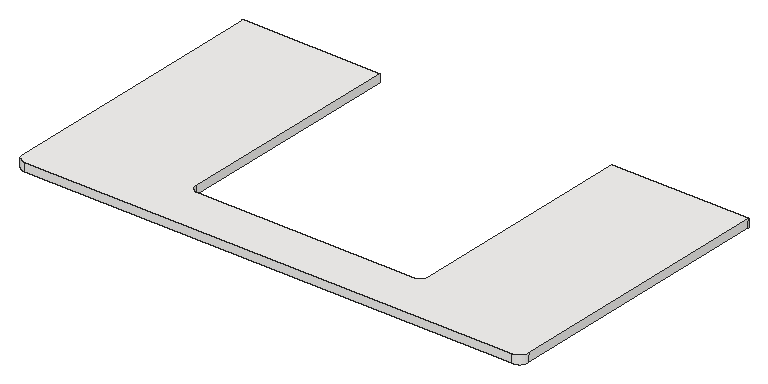
Revit family "console with cutout for countertop basin ground", category Furniture, Revit 2019 (continued)
  Console 780_550 with cutout in the middle for countertop basin ground 500_480-54094230-NATURAL_OAK-400 | "6.2" | "NATURAL_OAK" | "Surfaces:    - 54094050 High Gloss White  - 54094910 Diamond Matt Grey  - 54094230 Natural Oak  - 54094630 Dark Walnut      Specification:    • consists of: console, space saving siphon   • material: high-density 3-ply chipboard   • surface material: laminate (HPL)   • with cutout for countertop basin ground  • number of basin cutouts: 1   • basin cutout: centered   • strength: 16 mm" | "https://pro.hansgrohe.com/articledetail--54094050" | "54094XXX" | "Console 780/550 with cutout in the middle for countertop basin ground 500/480-54094230-NATURAL_OAK-400" | "Xelu Q Console 780/550 with cutout in the middle for countertop basin ground 500/480" | "Console 780/550 with cutout in the middle for countertop basin ground 500/480-54094230-NATURAL_OAK-400" | "{$CADENAS_DATA/23d-libs/hansgrohe/xelu_furniture/console_with_cutout_for_countertop_basin_ground/console_with_cutout_for_countertop_basinground.prj},393 {VTYP=3D},{NB=Console 780/550 with cutout in the middle for countertop basin ground 500/480-54094230-NATURAL_OAK-400},{LINA=Console 780/550 with cutout in the middle for countertop basin ground 500/480-54094230-NATURAL_OAK-400},{NN=Console with cutout for countertop basin ground},{DATE=10.03.2023 08:11:51},{GEOMDATE=08.03.2023 13:28:53},{VERSION=},{LINEID=30},{WBVAR=LODLEVEL},{WBNUMERIC=}  {NB=Console 780/550 with cutout in the middle for countertop basin ground 500/480-54094230-NATURAL_OAK-400},{LINA=Console 780/550 with cutout in the middle for countertop basin ground 500/480-54094230-NATURAL_OAK-400},{KT=DUMMY},{IDNR=3},{ARTNR=54094230},{BASENUMBER=Console 780/550 with cutout in the middle for countertop basin ground 500/480},{MODEL=54094XXX},{SURFACE=NATURAL_OAK},{L=780},{LODLEVEL=400},{LODLEVELX='400','400','200','200'},{L1=450},{LL=390},{NAME=Xelu Q Console 780/550 with cutout in the middle for countertop basin ground 500/480},{PERMALINK=54094XXX},{OBJECTTYPE=Object (single object)},{BIMOBJECT=Sanitary: Compound units },{PRODUCTFAMILY=Xelu Q},{PRODUCTGROUP=console},{WEIGHT=6.2},{DESCRIPTION=Xelu Q Console 780/550 with cutout in the middle for countertop basin ground 500/480},{SPECIFICATION=Surfaces:    - 54094050 High Gloss White  - 54094910 Diamond Matt Grey  - 54094230 Natural Oak  - 54094630 Dark Walnut      Specification:    • consists of: console, space saving siphon   • material: high-density 3-ply chipboard   • surface material: laminate (HPL)   • with cutout for countertop basin ground  • number of basin cutouts: 1   • basin cutout: centered   • strength: 16 mm},{PRODUCTURL=https://pro.hansgrohe.com/articledetail--54094050},{GTINCODE=4059625457139},{TENDERURL=},{IFC=Furnishing element},{ETIM=EC011381 | Bathroom furniture set},{UNICLASS2015=Pr_40_20_76_94 | Vanity units},{OMNICLASS=23-19 31 17 11 | Bathroom Units},{MASTERFORMAT=12 35 30.23 | Bathroom Casework},{UNSPSC=56 | Furniture and Furnishings},{UNIFORMATII=E2010 | Fixed Furnishings},{REGIONSET=Worldwide},{DESIGN=Germany},{MANUFACTURER=Germany}" | "400" | 390 | "Console 780/550 with cutout in the middle for countertop basin ground 500/480-54094230-NATURAL_OAK-400" | 450 | 780 | 3 | "4059625457139" | no | no | no | no | no | no | no | no | no | no | no | no | no | no | no | no | no | no | no | no | no | no | no | no | no | no | no | no | yes | no | no | no | no | no | no | no | no | no | no | no | no | no | no | no | no | no | no | no | no | no | no | no | no | no | no | no | no | no | no | no | no | no | no | no | "Console 780/550 with cutout in the middle for countertop basin ground 500/480" | "54094230"
  Console 780_550 with cutout in the middle for countertop basin ground 500_480-54094630-DARK_WALNUT-200 | "6.2" | "DARK_WALNUT" | "Surfaces:    - 54094050 High Gloss White  - 54094910 Diamond Matt Grey  - 54094230 Natural Oak  - 54094630 Dark Walnut      Specification:    • consists of: console, space saving siphon   • material: high-density 3-ply chipboard   • surface material: laminate (HPL)   • with cutout for countertop basin ground  • number of basin cutouts: 1   • basin cutout: centered   • strength: 16 mm" | "https://pro.hansgrohe.com/articledetail--54094050" | "54094XXX" | "Console 780/550 with cutout in the middle for countertop basin ground 500/480-54094630-DARK_WALNUT-200" | "Xelu Q Console 780/550 with cutout in the middle for countertop basin ground 500/480" | "Console 780/550 with cutout in the middle for countertop basin ground 500/480-54094630-DARK_WALNUT-200" | "{$CADENAS_DATA/23d-libs/hansgrohe/xelu_furniture/console_with_cutout_for_countertop_basin_ground/console_with_cutout_for_countertop_basinground.prj},393 {VTYP=3D},{NB=Console 780/550 with cutout in the middle for countertop basin ground 500/480-54094630-DARK_WALNUT-200},{LINA=Console 780/550 with cutout in the middle for countertop basin ground 500/480-54094630-DARK_WALNUT-200},{NN=Console with cutout for countertop basin ground},{DATE=10.03.2023 08:11:51},{GEOMDATE=08.03.2023 13:28:53},{VERSION=},{LINEID=10},{WBVAR=LODLEVEL},{WBNUMERIC=}  {NB=Console 780/550 with cutout in the middle for countertop basin ground 500/480-54094630-DARK_WALNUT-200},{LINA=Console 780/550 with cutout in the middle for countertop basin ground 500/480-54094630-DARK_WALNUT-200},{KT=DUMMY},{IDNR=1},{ARTNR=54094630},{BASENUMBER=Console 780/550 with cutout in the middle for countertop basin ground 500/480},{MODEL=54094XXX},{SURFACE=DARK_WALNUT},{L=780},{LODLEVEL=200},{LODLEVELX='400','400','200','200'},{L1=450},{LL=390},{NAME=Xelu Q Console 780/550 with cutout in the middle for countertop basin ground 500/480},{PERMALINK=54094XXX},{OBJECTTYPE=Object (single object)},{BIMOBJECT=Sanitary: Compound units },{PRODUCTFAMILY=Xelu Q},{PRODUCTGROUP=console},{WEIGHT=6.2},{DESCRIPTION=Xelu Q Console 780/550 with cutout in the middle for countertop basin ground 500/480},{SPECIFICATION=Surfaces:    - 54094050 High Gloss White  - 54094910 Diamond Matt Grey  - 54094230 Natural Oak  - 54094630 Dark Walnut      Specification:    • consists of: console, space saving siphon   • material: high-density 3-ply chipboard   • surface material: laminate (HPL)   • with cutout for countertop basin ground  • number of basin cutouts: 1   • basin cutout: centered   • strength: 16 mm},{PRODUCTURL=https://pro.hansgrohe.com/articledetail--54094050},{GTINCODE=4059625457139},{TENDERURL=},{IFC=Furnishing element},{ETIM=EC011381 | Bathroom furniture set},{UNICLASS2015=Pr_40_20_76_94 | Vanity units},{OMNICLASS=23-19 31 17 11 | Bathroom Units},{MASTERFORMAT=12 35 30.23 | Bathroom Casework},{UNSPSC=56 | Furniture and Furnishings},{UNIFORMATII=E2010 | Fixed Furnishings},{REGIONSET=Worldwide},{DESIGN=Germany},{MANUFACTURER=Germany}" | "200" | 390 | "Console 780/550 with cutout in the middle for countertop basin ground 500/480-54094630-DARK_WALNUT-200" | 450 | 780 | 1 | "4059625457139" | no | no | no | no | no | no | no | no | no | no | no | no | no | no | no | no | no | no | no | no | no | no | no | no | no | no | no | yes | no | no | no | no | no | no | no | no | no | no | no | no | no | no | no | no | no | no | no | no | no | no | no | no | no | no | no | no | no | no | no | no | no | no | no | no | "Console 780/550 with cutout in the middle for countertop basin ground 500/480" | "54094630"
  Console 780_550 with cutout in the middle for countertop basin ground 500_480-54094630-DARK_WALNUT-400 | "6.2" | "DARK_WALNUT" | "Surfaces:    - 54094050 High Gloss White  - 54094910 Diamond Matt Grey  - 54094230 Natural Oak  - 54094630 Dark Walnut      Specification:    • consists of: console, space saving siphon   • material: high-density 3-ply chipboard   • surface material: laminate (HPL)   • with cutout for countertop basin ground  • number of basin cutouts: 1   • basin cutout: centered   • strength: 16 mm" | "https://pro.hansgrohe.com/articledetail--54094050" | "54094XXX" | "Console 780/550 with cutout in the middle for countertop basin ground 500/480-54094630-DARK_WALNUT-400" | "Xelu Q Console 780/550 with cutout in the middle for countertop basin ground 500/480" | "Console 780/550 with cutout in the middle for countertop basin ground 500/480-54094630-DARK_WALNUT-400" | "{$CADENAS_DATA/23d-libs/hansgrohe/xelu_furniture/console_with_cutout_for_countertop_basin_ground/console_with_cutout_for_countertop_basinground.prj},393 {VTYP=3D},{NB=Console 780/550 with cutout in the middle for countertop basin ground 500/480-54094630-DARK_WALNUT-400},{LINA=Console 780/550 with cutout in the middle for countertop basin ground 500/480-54094630-DARK_WALNUT-400},{NN=Console with cutout for countertop basin ground},{DATE=10.03.2023 08:11:51},{GEOMDATE=08.03.2023 13:28:53},{VERSION=},{LINEID=10},{WBVAR=LODLEVEL},{WBNUMERIC=}  {NB=Console 780/550 with cutout in the middle for countertop basin ground 500/480-54094630-DARK_WALNUT-400},{LINA=Console 780/550 with cutout in the middle for countertop basin ground 500/480-54094630-DARK_WALNUT-400},{KT=DUMMY},{IDNR=1},{ARTNR=54094630},{BASENUMBER=Console 780/550 with cutout in the middle for countertop basin ground 500/480},{MODEL=54094XXX},{SURFACE=DARK_WALNUT},{L=780},{LODLEVEL=400},{LODLEVELX='400','400','200','200'},{L1=450},{LL=390},{NAME=Xelu Q Console 780/550 with cutout in the middle for countertop basin ground 500/480},{PERMALINK=54094XXX},{OBJECTTYPE=Object (single object)},{BIMOBJECT=Sanitary: Compound units },{PRODUCTFAMILY=Xelu Q},{PRODUCTGROUP=console},{WEIGHT=6.2},{DESCRIPTION=Xelu Q Console 780/550 with cutout in the middle for countertop basin ground 500/480},{SPECIFICATION=Surfaces:    - 54094050 High Gloss White  - 54094910 Diamond Matt Grey  - 54094230 Natural Oak  - 54094630 Dark Walnut      Specification:    • consists of: console, space saving siphon   • material: high-density 3-ply chipboard   • surface material: laminate (HPL)   • with cutout for countertop basin ground  • number of basin cutouts: 1   • basin cutout: centered   • strength: 16 mm},{PRODUCTURL=https://pro.hansgrohe.com/articledetail--54094050},{GTINCODE=4059625457139},{TENDERURL=},{IFC=Furnishing element},{ETIM=EC011381 | Bathroom furniture set},{UNICLASS2015=Pr_40_20_76_94 | Vanity units},{OMNICLASS=23-19 31 17 11 | Bathroom Units},{MASTERFORMAT=12 35 30.23 | Bathroom Casework},{UNSPSC=56 | Furniture and Furnishings},{UNIFORMATII=E2010 | Fixed Furnishings},{REGIONSET=Worldwide},{DESIGN=Germany},{MANUFACTURER=Germany}" | "400" | 390 | "Console 780/550 with cutout in the middle for countertop basin ground 500/480-54094630-DARK_WALNUT-400" | 450 | 780 | 1 | "4059625457139" | no | no | no | no | no | no | no | no | no | no | no | no | no | no | no | no | no | no | no | no | no | no | no | no | no | no | yes | no | no | no | no | no | no | no | no | no | no | no | no | no | no | no | no | no | no | no | no | no | no | no | no | no | no | no | no | no | no | no | no | no | no | no | no | no | "Console 780/550 with cutout in the middle for countertop basin ground 500/480" | "54094630"
  Console 780_550 with cutout in the middle for countertop basin ground 500_480-54094910-DIAMOND_GREY-200 | "6.2" | "DIAMOND_GREY" | "Surfaces:    - 54094050 High Gloss White  - 54094910 Diamond Matt Grey  - 54094230 Natural Oak  - 54094630 Dark Walnut      Specification:    • consists of: console, space saving siphon   • material: high-density 3-ply chipboard   • surface material: laminate (HPL)   • with cutout for countertop basin ground  • number of basin cutouts: 1   • basin cutout: centered   • strength: 16 mm" | "https://pro.hansgrohe.com/articledetail--54094050" | "54094XXX" | "Console 780/550 with cutout in the middle for countertop basin ground 500/480-54094910-DIAMOND_GREY-200" | "Xelu Q Console 780/550 with cutout in the middle for countertop basin ground 500/480" | "Console 780/550 with cutout in the middle for countertop basin ground 500/480-54094910-DIAMOND_GREY-200" | "{$CADENAS_DATA/23d-libs/hansgrohe/xelu_furniture/console_with_cutout_for_countertop_basin_ground/console_with_cutout_for_countertop_basinground.prj},395 {VTYP=3D},{NB=Console 780/550 with cutout in the middle for countertop basin ground 500/480-54094910-DIAMOND_GREY-200},{LINA=Console 780/550 with cutout in the middle for countertop basin ground 500/480-54094910-DIAMOND_GREY-200},{NN=Console with cutout for countertop basin ground},{DATE=10.03.2023 08:11:51},{GEOMDATE=08.03.2023 13:28:53},{VERSION=},{LINEID=20},{WBVAR=LODLEVEL},{WBNUMERIC=}  {NB=Console 780/550 with cutout in the middle for countertop basin ground 500/480-54094910-DIAMOND_GREY-200},{LINA=Console 780/550 with cutout in the middle for countertop basin ground 500/480-54094910-DIAMOND_GREY-200},{KT=DUMMY},{IDNR=2},{ARTNR=54094910},{BASENUMBER=Console 780/550 with cutout in the middle for countertop basin ground 500/480},{MODEL=54094XXX},{SURFACE=DIAMOND_GREY},{L=780},{LODLEVEL=200},{LODLEVELX='400','400','200','200'},{L1=450},{LL=390},{NAME=Xelu Q Console 780/550 with cutout in the middle for countertop basin ground 500/480},{PERMALINK=54094XXX},{OBJECTTYPE=Object (single object)},{BIMOBJECT=Sanitary: Compound units },{PRODUCTFAMILY=Xelu Q},{PRODUCTGROUP=console},{WEIGHT=6.2},{DESCRIPTION=Xelu Q Console 780/550 with cutout in the middle for countertop basin ground 500/480},{SPECIFICATION=Surfaces:    - 54094050 High Gloss White  - 54094910 Diamond Matt Grey  - 54094230 Natural Oak  - 54094630 Dark Walnut      Specification:    • consists of: console, space saving siphon   • material: high-density 3-ply chipboard   • surface material: laminate (HPL)   • with cutout for countertop basin ground  • number of basin cutouts: 1   • basin cutout: centered   • strength: 16 mm},{PRODUCTURL=https://pro.hansgrohe.com/articledetail--54094050},{GTINCODE=4059625457139},{TENDERURL=},{IFC=Furnishing element},{ETIM=EC011381 | Bathroom furniture set},{UNICLASS2015=Pr_40_20_76_94 | Vanity units},{OMNICLASS=23-19 31 17 11 | Bathroom Units},{MASTERFORMAT=12 35 30.23 | Bathroom Casework},{UNSPSC=56 | Furniture and Furnishings},{UNIFORMATII=E2010 | Fixed Furnishings},{REGIONSET=Worldwide},{DESIGN=Germany},{MANUFACTURER=Germany}" | "200" | 390 | "Console 780/550 with cutout in the middle for countertop basin ground 500/480-54094910-DIAMOND_GREY-200" | 450 | 780 | 2 | "4059625457139" | no | no | no | no | no | no | no | no | no | no | no | no | no | no | no | no | no | no | no | no | no | no | no | no | no | yes | no | no | no | no | no | no | no | no | no | no | no | no | no | no | no | no | no | no | no | no | no | no | no | no | no | no | no | no | no | no | no | no | no | no | no | no | no | no | "Console 780/550 with cutout in the middle for countertop basin ground 500/480" | "54094910"
  Console 780_550 with cutout in the middle for countertop basin ground 500_480-54094910-DIAMOND_GREY-400 | "6.2" | "DIAMOND_GREY" | "Surfaces:    - 54094050 High Gloss White  - 54094910 Diamond Matt Grey  - 54094230 Natural Oak  - 54094630 Dark Walnut      Specification:    • consists of: console, space saving siphon   • material: high-density 3-ply chipboard   • surface material: laminate (HPL)   • with cutout for countertop basin ground  • number of basin cutouts: 1   • basin cutout: centered   • strength: 16 mm" | "https://pro.hansgrohe.com/articledetail--54094050" | "54094XXX" | "Console 780/550 with cutout in the middle for countertop basin ground 500/480-54094910-DIAMOND_GREY-400" | "Xelu Q Console 780/550 with cutout in the middle for countertop basin ground 500/480" | "Console 780/550 with cutout in the middle for countertop basin ground 500/480-54094910-DIAMOND_GREY-400" | "{$CADENAS_DATA/23d-libs/hansgrohe/xelu_furniture/console_with_cutout_for_countertop_basin_ground/console_with_cutout_for_countertop_basinground.prj},395 {VTYP=3D},{NB=Console 780/550 with cutout in the middle for countertop basin ground 500/480-54094910-DIAMOND_GREY-400},{LINA=Console 780/550 with cutout in the middle for countertop basin ground 500/480-54094910-DIAMOND_GREY-400},{NN=Console with cutout for countertop basin ground},{DATE=10.03.2023 08:11:51},{GEOMDATE=08.03.2023 13:28:53},{VERSION=},{LINEID=20},{WBVAR=LODLEVEL},{WBNUMERIC=}  {NB=Console 780/550 with cutout in the middle for countertop basin ground 500/480-54094910-DIAMOND_GREY-400},{LINA=Console 780/550 with cutout in the middle for countertop basin ground 500/480-54094910-DIAMOND_GREY-400},{KT=DUMMY},{IDNR=2},{ARTNR=54094910},{BASENUMBER=Console 780/550 with cutout in the middle for countertop basin ground 500/480},{MODEL=54094XXX},{SURFACE=DIAMOND_GREY},{L=780},{LODLEVEL=400},{LODLEVELX='400','400','200','200'},{L1=450},{LL=390},{NAME=Xelu Q Console 780/550 with cutout in the middle for countertop basin ground 500/480},{PERMALINK=54094XXX},{OBJECTTYPE=Object (single object)},{BIMOBJECT=Sanitary: Compound units },{PRODUCTFAMILY=Xelu Q},{PRODUCTGROUP=console},{WEIGHT=6.2},{DESCRIPTION=Xelu Q Console 780/550 with cutout in the middle for countertop basin ground 500/480},{SPECIFICATION=Surfaces:    - 54094050 High Gloss White  - 54094910 Diamond Matt Grey  - 54094230 Natural Oak  - 54094630 Dark Walnut      Specification:    • consists of: console, space saving siphon   • material: high-density 3-ply chipboard   • surface material: laminate (HPL)   • with cutout for countertop basin ground  • number of basin cutouts: 1   • basin cutout: centered   • strength: 16 mm},{PRODUCTURL=https://pro.hansgrohe.com/articledetail--54094050},{GTINCODE=4059625457139},{TENDERURL=},{IFC=Furnishing element},{ETIM=EC011381 | Bathroom furniture set},{UNICLASS2015=Pr_40_20_76_94 | Vanity units},{OMNICLASS=23-19 31 17 11 | Bathroom Units},{MASTERFORMAT=12 35 30.23 | Bathroom Casework},{UNSPSC=56 | Furniture and Furnishings},{UNIFORMATII=E2010 | Fixed Furnishings},{REGIONSET=Worldwide},{DESIGN=Germany},{MANUFACTURER=Germany}" | "400" | 390 | "Console 780/550 with cutout in the middle for countertop basin ground 500/480-54094910-DIAMOND_GREY-400" | 450 | 780 | 2 | "4059625457139" | no | no | no | no | no | no | no | no | no | no | no | no | no | no | no | no | no | no | no | no | no | no | no | no | yes | no | no | no | no | no | no | no | no | no | no | no | no | no | no | no | no | no | no | no | no | no | no | no | no | no | no | no | no | no | no | no | no | no | no | no | no | no | no | no | "Console 780/550 with cutout in the middle for countertop basin ground 500/480" | "54094910"
  Console 780_550 with cutout in the middle for countertop basin ground 600_480-54109050-GLOSSY_WHITE-200 | "6.2" | "GLOSSY_WHITE" | "Surfaces:    - 54109050 High Gloss White  - 54109910 Diamond Matt Grey  - 54109230 Natural Oak  - 54109630 Dark Walnut      Specification:" | "https://pro.hansgrohe.com/articledetail--54109050" | "54109XXX" | "Console 780/550 with cutout in the middle for countertop basin ground 600/480-54109050-GLOSSY_WHITE-200" | "Xelu Q Console 780/550 with cutout in the middle for countertop basin ground 600/480" | "Console 780/550 with cutout in the middle for countertop basin ground 600/480-54109050-GLOSSY_WHITE-200" | "{$CADENAS_DATA/23d-libs/hansgrohe/xelu_furniture/console_with_cutout_for_countertop_basin_ground/console_with_cutout_for_countertop_basinground.prj},396 {VTYP=3D},{NB=Console 780/550 with cutout in the middle for countertop basin ground 600/480-54109050-GLOSSY_WHITE-200},{LINA=Console 780/550 with cutout in the middle for countertop basin ground 600/480-54109050-GLOSSY_WHITE-200},{NN=Console with cutout for countertop basin ground},{DATE=10.03.2023 08:11:51},{GEOMDATE=08.03.2023 13:28:53},{VERSION=},{LINEID=210},{WBVAR=LODLEVEL},{WBNUMERIC=}  {NB=Console 780/550 with cutout in the middle for countertop basin ground 600/480-54109050-GLOSSY_WHITE-200},{LINA=Console 780/550 with cutout in the middle for countertop basin ground 600/480-54109050-GLOSSY_WHITE-200},{KT=DUMMY},{IDNR=21},{ARTNR=54109050},{BASENUMBER=Console 780/550 with cutout in the middle for countertop basin ground 600/480},{MODEL=54109XXX},{SURFACE=GLOSSY_WHITE},{L=780},{LODLEVEL=200},{LODLEVELX='400','400','200','200'},{L1=550},{LL=390},{NAME=Xelu Q Console 780/550 with cutout in the middle for countertop basin ground 600/480},{PERMALINK=54109XXX},{OBJECTTYPE=Object (single object)},{BIMOBJECT=Sanitary: Compound units },{PRODUCTFAMILY=Xelu Q},{PRODUCTGROUP=console},{WEIGHT=6.2},{DESCRIPTION=Xelu Q Console 780/550 with cutout in the middle for countertop basin ground 600/480},{SPECIFICATION=Surfaces:    - 54109050 High Gloss White  - 54109910 Diamond Matt Grey  - 54109230 Natural Oak  - 54109630 Dark Walnut      Specification:},{PRODUCTURL=https://pro.hansgrohe.com/articledetail--54109050},{GTINCODE=4059625457290},{TENDERURL=},{IFC=Furnishing element},{ETIM=EC011381 | Bathroom furniture set},{UNICLASS2015=Pr_40_20_76_94 | Vanity units},{OMNICLASS=23-19 31 17 11 | Bathroom Units},{MASTERFORMAT=12 35 30.23 | Bathroom Casework},{UNSPSC=56 | Furniture and Furnishings},{UNIFORMATII=E2010 | Fixed Furnishings},{REGIONSET=Worldwide},{DESIGN=Germany},{MANUFACTURER=Germany}" | "200" | 390 | "Console 780/550 with cutout in the middle for countertop basin ground 600/480-54109050-GLOSSY_WHITE-200" | 550 | 780 | 21 | "4059625457290" | no | no | no | no | no | no | no | no | no | no | no | no | no | no | no | no | no | no | no | no | no | no | no | yes | no | no | no | no | no | no | no | no | no | no | no | no | no | no | no | no | no | no | no | no | no | no | no | no | no | no | no | no | no | no | no | no | no | no | no | no | no | no | no | no | "Console 780/550 with cutout in the middle for countertop basin ground 600/480" | "54109050"
  Console 780_550 with cutout in the middle for countertop basin ground 600_480-54109050-GLOSSY_WHITE-400 | "6.2" | "GLOSSY_WHITE" | "Surfaces:    - 54109050 High Gloss White  - 54109910 Diamond Matt Grey  - 54109230 Natural Oak  - 54109630 Dark Walnut      Specification:" | "https://pro.hansgrohe.com/articledetail--54109050" | "54109XXX" | "Console 780/550 with cutout in the middle for countertop basin ground 600/480-54109050-GLOSSY_WHITE-400" | "Xelu Q Console 780/550 with cutout in the middle for countertop basin ground 600/480" | "Console 780/550 with cutout in the middle for countertop basin ground 600/480-54109050-GLOSSY_WHITE-400" | "{$CADENAS_DATA/23d-libs/hansgrohe/xelu_furniture/console_with_cutout_for_countertop_basin_ground/console_with_cutout_for_countertop_basinground.prj},396 {VTYP=3D},{NB=Console 780/550 with cutout in the middle for countertop basin ground 600/480-54109050-GLOSSY_WHITE-400},{LINA=Console 780/550 with cutout in the middle for countertop basin ground 600/480-54109050-GLOSSY_WHITE-400},{NN=Console with cutout for countertop basin ground},{DATE=10.03.2023 08:11:51},{GEOMDATE=08.03.2023 13:28:53},{VERSION=},{LINEID=210},{WBVAR=LODLEVEL},{WBNUMERIC=}  {NB=Console 780/550 with cutout in the middle for countertop basin ground 600/480-54109050-GLOSSY_WHITE-400},{LINA=Console 780/550 with cutout in the middle for countertop basin ground 600/480-54109050-GLOSSY_WHITE-400},{KT=DUMMY},{IDNR=21},{ARTNR=54109050},{BASENUMBER=Console 780/550 with cutout in the middle for countertop basin ground 600/480},{MODEL=54109XXX},{SURFACE=GLOSSY_WHITE},{L=780},{LODLEVEL=400},{LODLEVELX='400','400','200','200'},{L1=550},{LL=390},{NAME=Xelu Q Console 780/550 with cutout in the middle for countertop basin ground 600/480},{PERMALINK=54109XXX},{OBJECTTYPE=Object (single object)},{BIMOBJECT=Sanitary: Compound units },{PRODUCTFAMILY=Xelu Q},{PRODUCTGROUP=console},{WEIGHT=6.2},{DESCRIPTION=Xelu Q Console 780/550 with cutout in the middle for countertop basin ground 600/480},{SPECIFICATION=Surfaces:    - 54109050 High Gloss White  - 54109910 Diamond Matt Grey  - 54109230 Natural Oak  - 54109630 Dark Walnut      Specification:},{PRODUCTURL=https://pro.hansgrohe.com/articledetail--54109050},{GTINCODE=4059625457290},{TENDERURL=},{IFC=Furnishing element},{ETIM=EC011381 | Bathroom furniture set},{UNICLASS2015=Pr_40_20_76_94 | Vanity units},{OMNICLASS=23-19 31 17 11 | Bathroom Units},{MASTERFORMAT=12 35 30.23 | Bathroom Casework},{UNSPSC=56 | Furniture and Furnishings},{UNIFORMATII=E2010 | Fixed Furnishings},{REGIONSET=Worldwide},{DESIGN=Germany},{MANUFACTURER=Germany}" | "400" | 390 | "Console 780/550 with cutout in the middle for countertop basin ground 600/480-54109050-GLOSSY_WHITE-400" | 550 | 780 | 21 | "4059625457290" | no | no | no | no | no | no | no | no | no | no | no | no | no | no | no | no | no | no | no | no | no | no | yes | no | no | no | no | no | no | no | no | no | no | no | no | no | no | no | no | no | no | no | no | no | no | no | no | no | no | no | no | no | no | no | no | no | no | no | no | no | no | no | no | no | "Console 780/550 with cutout in the middle for countertop basin ground 600/480" | "54109050"
  Console 780_550 with cutout in the middle for countertop basin ground 600_480-54109230-NATURAL_OAK-200 | "6.2" | "NATURAL_OAK" | "Surfaces:    - 54109050 High Gloss White  - 54109910 Diamond Matt Grey  - 54109230 Natural Oak  - 54109630 Dark Walnut      Specification:" | "https://pro.hansgrohe.com/articledetail--54109050" | "54109XXX" | "Console 780/550 with cutout in the middle for countertop basin ground 600/480-54109230-NATURAL_OAK-200" | "Xelu Q Console 780/550 with cutout in the middle for countertop basin ground 600/480" | "Console 780/550 with cutout in the middle for countertop basin ground 600/480-54109230-NATURAL_OAK-200" | "{$CADENAS_DATA/23d-libs/hansgrohe/xelu_furniture/console_with_cutout_for_countertop_basin_ground/console_with_cutout_for_countertop_basinground.prj},394 {VTYP=3D},{NB=Console 780/550 with cutout in the middle for countertop basin ground 600/480-54109230-NATURAL_OAK-200},{LINA=Console 780/550 with cutout in the middle for countertop basin ground 600/480-54109230-NATURAL_OAK-200},{NN=Console with cutout for countertop basin ground},{DATE=10.03.2023 08:11:51},{GEOMDATE=08.03.2023 13:28:53},{VERSION=},{LINEID=240},{WBVAR=LODLEVEL},{WBNUMERIC=}  {NB=Console 780/550 with cutout in the middle for countertop basin ground 600/480-54109230-NATURAL_OAK-200},{LINA=Console 780/550 with cutout in the middle for countertop basin ground 600/480-54109230-NATURAL_OAK-200},{KT=DUMMY},{IDNR=24},{ARTNR=54109230},{BASENUMBER=Console 780/550 with cutout in the middle for countertop basin ground 600/480},{MODEL=54109XXX},{SURFACE=NATURAL_OAK},{L=780},{LODLEVEL=200},{LODLEVELX='400','400','200','200'},{L1=550},{LL=390},{NAME=Xelu Q Console 780/550 with cutout in the middle for countertop basin ground 600/480},{PERMALINK=54109XXX},{OBJECTTYPE=Object (single object)},{BIMOBJECT=Sanitary: Compound units },{PRODUCTFAMILY=Xelu Q},{PRODUCTGROUP=console},{WEIGHT=6.2},{DESCRIPTION=Xelu Q Console 780/550 with cutout in the middle for countertop basin ground 600/480},{SPECIFICATION=Surfaces:    - 54109050 High Gloss White  - 54109910 Diamond Matt Grey  - 54109230 Natural Oak  - 54109630 Dark Walnut      Specification:},{PRODUCTURL=https://pro.hansgrohe.com/articledetail--54109050},{GTINCODE=4059625457290},{TENDERURL=},{IFC=Furnishing element},{ETIM=EC011381 | Bathroom furniture set},{UNICLASS2015=Pr_40_20_76_94 | Vanity units},{OMNICLASS=23-19 31 17 11 | Bathroom Units},{MASTERFORMAT=12 35 30.23 | Bathroom Casework},{UNSPSC=56 | Furniture and Furnishings},{UNIFORMATII=E2010 | Fixed Furnishings},{REGIONSET=Worldwide},{DESIGN=Germany},{MANUFACTURER=Germany}" | "200" | 390 | "Console 780/550 with cutout in the middle for countertop basin ground 600/480-54109230-NATURAL_OAK-200" | 550 | 780 | 24 | "4059625457290" | no | no | no | no | no | no | no | no | no | no | no | no | no | no | no | no | no | no | no | no | no | yes | no | no | no | no | no | no | no | no | no | no | no | no | no | no | no | no | no | no | no | no | no | no | no | no | no | no | no | no | no | no | no | no | no | no | no | no | no | no | no | no | no | no | "Console 780/550 with cutout in the middle for countertop basin ground 600/480" | "54109230"
  Console 780_550 with cutout in the middle for countertop basin ground 600_480-54109230-NATURAL_OAK-400 | "6.2" | "NATURAL_OAK" | "Surfaces:    - 54109050 High Gloss White  - 54109910 Diamond Matt Grey  - 54109230 Natural Oak  - 54109630 Dark Walnut      Specification:" | "https://pro.hansgrohe.com/articledetail--54109050" | "54109XXX" | "Console 780/550 with cutout in the middle for countertop basin ground 600/480-54109230-NATURAL_OAK-400" | "Xelu Q Console 780/550 with cutout in the middle for countertop basin ground 600/480" | "Console 780/550 with cutout in the middle for countertop basin ground 600/480-54109230-NATURAL_OAK-400" | "{$CADENAS_DATA/23d-libs/hansgrohe/xelu_furniture/console_with_cutout_for_countertop_basin_ground/console_with_cutout_for_countertop_basinground.prj},394 {VTYP=3D},{NB=Console 780/550 with cutout in the middle for countertop basin ground 600/480-54109230-NATURAL_OAK-400},{LINA=Console 780/550 with cutout in the middle for countertop basin ground 600/480-54109230-NATURAL_OAK-400},{NN=Console with cutout for countertop basin ground},{DATE=10.03.2023 08:11:51},{GEOMDATE=08.03.2023 13:28:53},{VERSION=},{LINEID=240},{WBVAR=LODLEVEL},{WBNUMERIC=}  {NB=Console 780/550 with cutout in the middle for countertop basin ground 600/480-54109230-NATURAL_OAK-400},{LINA=Console 780/550 with cutout in the middle for countertop basin ground 600/480-54109230-NATURAL_OAK-400},{KT=DUMMY},{IDNR=24},{ARTNR=54109230},{BASENUMBER=Console 780/550 with cutout in the middle for countertop basin ground 600/480},{MODEL=54109XXX},{SURFACE=NATURAL_OAK},{L=780},{LODLEVEL=400},{LODLEVELX='400','400','200','200'},{L1=550},{LL=390},{NAME=Xelu Q Console 780/550 with cutout in the middle for countertop basin ground 600/480},{PERMALINK=54109XXX},{OBJECTTYPE=Object (single object)},{BIMOBJECT=Sanitary: Compound units },{PRODUCTFAMILY=Xelu Q},{PRODUCTGROUP=console},{WEIGHT=6.2},{DESCRIPTION=Xelu Q Console 780/550 with cutout in the middle for countertop basin ground 600/480},{SPECIFICATION=Surfaces:    - 54109050 High Gloss White  - 54109910 Diamond Matt Grey  - 54109230 Natural Oak  - 54109630 Dark Walnut      Specification:},{PRODUCTURL=https://pro.hansgrohe.com/articledetail--54109050},{GTINCODE=4059625457290},{TENDERURL=},{IFC=Furnishing element},{ETIM=EC011381 | Bathroom furniture set},{UNICLASS2015=Pr_40_20_76_94 | Vanity units},{OMNICLASS=23-19 31 17 11 | Bathroom Units},{MASTERFORMAT=12 35 30.23 | Bathroom Casework},{UNSPSC=56 | Furniture and Furnishings},{UNIFORMATII=E2010 | Fixed Furnishings},{REGIONSET=Worldwide},{DESIGN=Germany},{MANUFACTURER=Germany}" | "400" | 390 | "Console 780/550 with cutout in the middle for countertop basin ground 600/480-54109230-NATURAL_OAK-400" | 550 | 780 | 24 | "4059625457290" | no | no | no | no | no | no | no | no | no | no | no | no | no | no | no | no | no | no | no | no | yes | no | no | no | no | no | no | no | no | no | no | no | no | no | no | no | no | no | no | no | no | no | no | no | no | no | no | no | no | no | no | no | no | no | no | no | no | no | no | no | no | no | no | no | "Console 780/550 with cutout in the middle for countertop basin ground 600/480" | "54109230"
  Console 780_550 with cutout in the middle for countertop basin ground 600_480-54109630-DARK_WALNUT-200 | "6.2" | "DARK_WALNUT" | "Surfaces:    - 54109050 High Gloss White  - 54109910 Diamond Matt Grey  - 54109230 Natural Oak  - 54109630 Dark Walnut      Specification:" | "https://pro.hansgrohe.com/articledetail--54109050" | "54109XXX" | "Console 780/550 with cutout in the middle for countertop basin ground 600/480-54109630-DARK_WALNUT-200" | "Xelu Q Console 780/550 with cutout in the middle for countertop basin ground 600/480" | "Console 780/550 with cutout in the middle for countertop basin ground 600/480-54109630-DARK_WALNUT-200" | "{$CADENAS_DATA/23d-libs/hansgrohe/xelu_furniture/console_with_cutout_for_countertop_basin_ground/console_with_cutout_for_countertop_basinground.prj},394 {VTYP=3D},{NB=Console 780/550 with cutout in the middle for countertop basin ground 600/480-54109630-DARK_WALNUT-200},{LINA=Console 780/550 with cutout in the middle for countertop basin ground 600/480-54109630-DARK_WALNUT-200},{NN=Console with cutout for countertop basin ground},{DATE=10.03.2023 08:11:51},{GEOMDATE=08.03.2023 13:28:53},{VERSION=},{LINEID=230},{WBVAR=LODLEVEL},{WBNUMERIC=}  {NB=Console 780/550 with cutout in the middle for countertop basin ground 600/480-54109630-DARK_WALNUT-200},{LINA=Console 780/550 with cutout in the middle for countertop basin ground 600/480-54109630-DARK_WALNUT-200},{KT=DUMMY},{IDNR=23},{ARTNR=54109630},{BASENUMBER=Console 780/550 with cutout in the middle for countertop basin ground 600/480},{MODEL=54109XXX},{SURFACE=DARK_WALNUT},{L=780},{LODLEVEL=200},{LODLEVELX='400','400','200','200'},{L1=550},{LL=390},{NAME=Xelu Q Console 780/550 with cutout in the middle for countertop basin ground 600/480},{PERMALINK=54109XXX},{OBJECTTYPE=Object (single object)},{BIMOBJECT=Sanitary: Compound units },{PRODUCTFAMILY=Xelu Q},{PRODUCTGROUP=console},{WEIGHT=6.2},{DESCRIPTION=Xelu Q Console 780/550 with cutout in the middle for countertop basin ground 600/480},{SPECIFICATION=Surfaces:    - 54109050 High Gloss White  - 54109910 Diamond Matt Grey  - 54109230 Natural Oak  - 54109630 Dark Walnut      Specification:},{PRODUCTURL=https://pro.hansgrohe.com/articledetail--54109050},{GTINCODE=4059625457290},{TENDERURL=},{IFC=Furnishing element},{ETIM=EC011381 | Bathroom furniture set},{UNICLASS2015=Pr_40_20_76_94 | Vanity units},{OMNICLASS=23-19 31 17 11 | Bathroom Units},{MASTERFORMAT=12 35 30.23 | Bathroom Casework},{UNSPSC=56 | Furniture and Furnishings},{UNIFORMATII=E2010 | Fixed Furnishings},{REGIONSET=Worldwide},{DESIGN=Germany},{MANUFACTURER=Germany}" | "200" | 390 | "Console 780/550 with cutout in the middle for countertop basin ground 600/480-54109630-DARK_WALNUT-200" | 550 | 780 | 23 | "4059625457290" | no | no | no | no | no | no | no | no | no | no | no | no | no | no | no | no | no | no | no | yes | no | no | no | no | no | no | no | no | no | no | no | no | no | no | no | no | no | no | no | no | no | no | no | no | no | no | no | no | no | no | no | no | no | no | no | no | no | no | no | no | no | no | no | no | "Console 780/550 with cutout in the middle for countertop basin ground 600/480" | "54109630"
  Console 780_550 with cutout in the middle for countertop basin ground 600_480-54109630-DARK_WALNUT-400 | "6.2" | "DARK_WALNUT" | "Surfaces:    - 54109050 High Gloss White  - 54109910 Diamond Matt Grey  - 54109230 Natural Oak  - 54109630 Dark Walnut      Specification:" | "https://pro.hansgrohe.com/articledetail--54109050" | "54109XXX" | "Console 780/550 with cutout in the middle for countertop basin ground 600/480-54109630-DARK_WALNUT-400" | "Xelu Q Console 780/550 with cutout in the middle for countertop basin ground 600/480" | "Console 780/550 with cutout in the middle for countertop basin ground 600/480-54109630-DARK_WALNUT-400" | "{$CADENAS_DATA/23d-libs/hansgrohe/xelu_furniture/console_with_cutout_for_countertop_basin_ground/console_with_cutout_for_countertop_basinground.prj},394 {VTYP=3D},{NB=Console 780/550 with cutout in the middle for countertop basin ground 600/480-54109630-DARK_WALNUT-400},{LINA=Console 780/550 with cutout in the middle for countertop basin ground 600/480-54109630-DARK_WALNUT-400},{NN=Console with cutout for countertop basin ground},{DATE=10.03.2023 08:11:51},{GEOMDATE=08.03.2023 13:28:53},{VERSION=},{LINEID=230},{WBVAR=LODLEVEL},{WBNUMERIC=}  {NB=Console 780/550 with cutout in the middle for countertop basin ground 600/480-54109630-DARK_WALNUT-400},{LINA=Console 780/550 with cutout in the middle for countertop basin ground 600/480-54109630-DARK_WALNUT-400},{KT=DUMMY},{IDNR=23},{ARTNR=54109630},{BASENUMBER=Console 780/550 with cutout in the middle for countertop basin ground 600/480},{MODEL=54109XXX},{SURFACE=DARK_WALNUT},{L=780},{LODLEVEL=400},{LODLEVELX='400','400','200','200'},{L1=550},{LL=390},{NAME=Xelu Q Console 780/550 with cutout in the middle for countertop basin ground 600/480},{PERMALINK=54109XXX},{OBJECTTYPE=Object (single object)},{BIMOBJECT=Sanitary: Compound units },{PRODUCTFAMILY=Xelu Q},{PRODUCTGROUP=console},{WEIGHT=6.2},{DESCRIPTION=Xelu Q Console 780/550 with cutout in the middle for countertop basin ground 600/480},{SPECIFICATION=Surfaces:    - 54109050 High Gloss White  - 54109910 Diamond Matt Grey  - 54109230 Natural Oak  - 54109630 Dark Walnut      Specification:},{PRODUCTURL=https://pro.hansgrohe.com/articledetail--54109050},{GTINCODE=4059625457290},{TENDERURL=},{IFC=Furnishing element},{ETIM=EC011381 | Bathroom furniture set},{UNICLASS2015=Pr_40_20_76_94 | Vanity units},{OMNICLASS=23-19 31 17 11 | Bathroom Units},{MASTERFORMAT=12 35 30.23 | Bathroom Casework},{UNSPSC=56 | Furniture and Furnishings},{UNIFORMATII=E2010 | Fixed Furnishings},{REGIONSET=Worldwide},{DESIGN=Germany},{MANUFACTURER=Germany}" | "400" | 390 | "Console 780/550 with cutout in the middle for countertop basin ground 600/480-54109630-DARK_WALNUT-400" | 550 | 780 | 23 | "4059625457290" | no | no | no | no | no | no | no | no | no | no | no | no | no | no | no | no | no | no | yes | no | no | no | no | no | no | no | no | no | no | no | no | no | no | no | no | no | no | no | no | no | no | no | no | no | no | no | no | no | no | no | no | no | no | no | no | no | no | no | no | no | no | no | no | no | "Console 780/550 with cutout in the middle for countertop basin ground 600/480" | "54109630"
  Console 780_550 with cutout in the middle for countertop basin ground 600_480-54109910-DIAMOND_GREY-200 | "6.2" | "DIAMOND_GREY" | "Surfaces:    - 54109050 High Gloss White  - 54109910 Diamond Matt Grey  - 54109230 Natural Oak  - 54109630 Dark Walnut      Specification:" | "https://pro.hansgrohe.com/articledetail--54109050" | "54109XXX" | "Console 780/550 with cutout in the middle for countertop basin ground 600/480-54109910-DIAMOND_GREY-200" | "Xelu Q Console 780/550 with cutout in the middle for countertop basin ground 600/480" | "Console 780/550 with cutout in the middle for countertop basin ground 600/480-54109910-DIAMOND_GREY-200" | "{$CADENAS_DATA/23d-libs/hansgrohe/xelu_furniture/console_with_cutout_for_countertop_basin_ground/console_with_cutout_for_countertop_basinground.prj},396 {VTYP=3D},{NB=Console 780/550 with cutout in the middle for countertop basin ground 600/480-54109910-DIAMOND_GREY-200},{LINA=Console 780/550 with cutout in the middle for countertop basin ground 600/480-54109910-DIAMOND_GREY-200},{NN=Console with cutout for countertop basin ground},{DATE=10.03.2023 08:11:51},{GEOMDATE=08.03.2023 13:28:53},{VERSION=},{LINEID=220},{WBVAR=LODLEVEL},{WBNUMERIC=}  {NB=Console 780/550 with cutout in the middle for countertop basin ground 600/480-54109910-DIAMOND_GREY-200},{LINA=Console 780/550 with cutout in the middle for countertop basin ground 600/480-54109910-DIAMOND_GREY-200},{KT=DUMMY},{IDNR=22},{ARTNR=54109910},{BASENUMBER=Console 780/550 with cutout in the middle for countertop basin ground 600/480},{MODEL=54109XXX},{SURFACE=DIAMOND_GREY},{L=780},{LODLEVEL=200},{LODLEVELX='400','400','200','200'},{L1=550},{LL=390},{NAME=Xelu Q Console 780/550 with cutout in the middle for countertop basin ground 600/480},{PERMALINK=54109XXX},{OBJECTTYPE=Object (single object)},{BIMOBJECT=Sanitary: Compound units },{PRODUCTFAMILY=Xelu Q},{PRODUCTGROUP=console},{WEIGHT=6.2},{DESCRIPTION=Xelu Q Console 780/550 with cutout in the middle for countertop basin ground 600/480},{SPECIFICATION=Surfaces:    - 54109050 High Gloss White  - 54109910 Diamond Matt Grey  - 54109230 Natural Oak  - 54109630 Dark Walnut      Specification:},{PRODUCTURL=https://pro.hansgrohe.com/articledetail--54109050},{GTINCODE=4059625457290},{TENDERURL=},{IFC=Furnishing element},{ETIM=EC011381 | Bathroom furniture set},{UNICLASS2015=Pr_40_20_76_94 | Vanity units},{OMNICLASS=23-19 31 17 11 | Bathroom Units},{MASTERFORMAT=12 35 30.23 | Bathroom Casework},{UNSPSC=56 | Furniture and Furnishings},{UNIFORMATII=E2010 | Fixed Furnishings},{REGIONSET=Worldwide},{DESIGN=Germany},{MANUFACTURER=Germany}" | "200" | 390 | "Console 780/550 with cutout in the middle for countertop basin ground 600/480-54109910-DIAMOND_GREY-200" | 550 | 780 | 22 | "4059625457290" | no | no | no | no | no | no | no | no | no | no | no | no | no | no | no | no | no | yes | no | no | no | no | no | no | no | no | no | no | no | no | no | no | no | no | no | no | no | no | no | no | no | no | no | no | no | no | no | no | no | no | no | no | no | no | no | no | no | no | no | no | no | no | no | no | "Console 780/550 with cutout in the middle for countertop basin ground 600/480" | "54109910"
  Console 780_550 with cutout in the middle for countertop basin ground 600_480-54109910-DIAMOND_GREY-400 | "6.2" | "DIAMOND_GREY" | "Surfaces:    - 54109050 High Gloss White  - 54109910 Diamond Matt Grey  - 54109230 Natural Oak  - 54109630 Dark Walnut      Specification:" | "https://pro.hansgrohe.com/articledetail--54109050" | "54109XXX" | "Console 780/550 with cutout in the middle for countertop basin ground 600/480-54109910-DIAMOND_GREY-400" | "Xelu Q Console 780/550 with cutout in the middle for countertop basin ground 600/480" | "Console 780/550 with cutout in the middle for countertop basin ground 600/480-54109910-DIAMOND_GREY-400" | "{$CADENAS_DATA/23d-libs/hansgrohe/xelu_furniture/console_with_cutout_for_countertop_basin_ground/console_with_cutout_for_countertop_basinground.prj},396 {VTYP=3D},{NB=Console 780/550 with cutout in the middle for countertop basin ground 600/480-54109910-DIAMOND_GREY-400},{LINA=Console 780/550 with cutout in the middle for countertop basin ground 600/480-54109910-DIAMOND_GREY-400},{NN=Console with cutout for countertop basin ground},{DATE=10.03.2023 08:11:51},{GEOMDATE=08.03.2023 13:28:53},{VERSION=},{LINEID=220},{WBVAR=LODLEVEL},{WBNUMERIC=}  {NB=Console 780/550 with cutout in the middle for countertop basin ground 600/480-54109910-DIAMOND_GREY-400},{LINA=Console 780/550 with cutout in the middle for countertop basin ground 600/480-54109910-DIAMOND_GREY-400},{KT=DUMMY},{IDNR=22},{ARTNR=54109910},{BASENUMBER=Console 780/550 with cutout in the middle for countertop basin ground 600/480},{MODEL=54109XXX},{SURFACE=DIAMOND_GREY},{L=780},{LODLEVEL=400},{LODLEVELX='400','400','200','200'},{L1=550},{LL=390},{NAME=Xelu Q Console 780/550 with cutout in the middle for countertop basin ground 600/480},{PERMALINK=54109XXX},{OBJECTTYPE=Object (single object)},{BIMOBJECT=Sanitary: Compound units },{PRODUCTFAMILY=Xelu Q},{PRODUCTGROUP=console},{WEIGHT=6.2},{DESCRIPTION=Xelu Q Console 780/550 with cutout in the middle for countertop basin ground 600/480},{SPECIFICATION=Surfaces:    - 54109050 High Gloss White  - 54109910 Diamond Matt Grey  - 54109230 Natural Oak  - 54109630 Dark Walnut      Specification:},{PRODUCTURL=https://pro.hansgrohe.com/articledetail--54109050},{GTINCODE=4059625457290},{TENDERURL=},{IFC=Furnishing element},{ETIM=EC011381 | Bathroom furniture set},{UNICLASS2015=Pr_40_20_76_94 | Vanity units},{OMNICLASS=23-19 31 17 11 | Bathroom Units},{MASTERFORMAT=12 35 30.23 | Bathroom Casework},{UNSPSC=56 | Furniture and Furnishings},{UNIFORMATII=E2010 | Fixed Furnishings},{REGIONSET=Worldwide},{DESIGN=Germany},{MANUFACTURER=Germany}" | "400" | 390 | "Console 780/550 with cutout in the middle for countertop basin ground 600/480-54109910-DIAMOND_GREY-400" | 550 | 780 | 22 | "4059625457290" | no | no | no | no | no | no | no | no | no | no | no | no | no | no | no | no | yes | no | no | no | no | no | no | no | no | no | no | no | no | no | no | no | no | no | no | no | no | no | no | no | no | no | no | no | no | no | no | no | no | no | no | no | no | no | no | no | no | no | no | no | no | no | no | no | "Console 780/550 with cutout in the middle for countertop basin ground 600/480" | "54109910"
  Console 980_550 with cutout in the middle for countertop basin ground 500_480-54095050-GLOSSY_WHITE-200 | "11" | "GLOSSY_WHITE" | "Surfaces:    - 54095050 High Gloss White  - 54095910 Diamond Matt Grey  - 54095230 Natural Oak  - 54095630 Dark Walnut      Specification:" | "https://pro.hansgrohe.com/articledetail--54095050" | "54095XXX" | "Console 980/550 with cutout in the middle for countertop basin ground 500/480-54095050-GLOSSY_WHITE-200" | "Xelu Q Console 980/550 with cutout in the middle for countertop basin ground 500/480" | "Console 980/550 with cutout in the middle for countertop basin ground 500/480-54095050-GLOSSY_WHITE-200" | "{$CADENAS_DATA/23d-libs/hansgrohe/xelu_furniture/console_with_cutout_for_countertop_basin_ground/console_with_cutout_for_countertop_basinground.prj},395 {VTYP=3D},{NB=Console 980/550 with cutout in the middle for countertop basin ground 500/480-54095050-GLOSSY_WHITE-200},{LINA=Console 980/550 with cutout in the middle for countertop basin ground 500/480-54095050-GLOSSY_WHITE-200},{NN=Console with cutout for countertop basin ground},{DATE=10.03.2023 08:11:51},{GEOMDATE=08.03.2023 13:28:53},{VERSION=},{LINEID=80},{WBVAR=LODLEVEL},{WBNUMERIC=}  {NB=Console 980/550 with cutout in the middle for countertop basin ground 500/480-54095050-GLOSSY_WHITE-200},{LINA=Console 980/550 with cutout in the middle for countertop basin ground 500/480-54095050-GLOSSY_WHITE-200},{KT=DUMMY},{IDNR=8},{ARTNR=54095050},{BASENUMBER=Console 980/550 with cutout in the middle for countertop basin ground 500/480},{MODEL=54095XXX},{SURFACE=GLOSSY_WHITE},{L=980},{LODLEVEL=200},{LODLEVELX='400','400','200','200'},{L1=450},{LL=490},{NAME=Xelu Q Console 980/550 with cutout in the middle for countertop basin ground 500/480},{PERMALINK=54095XXX},{OBJECTTYPE=Object (single object)},{BIMOBJECT=Sanitary: Compound units },{PRODUCTFAMILY=Xelu Q},{PRODUCTGROUP=console},{WEIGHT=11},{DESCRIPTION=Xelu Q Console 980/550 with cutout in the middle for countertop basin ground 500/480},{SPECIFICATION=Surfaces:    - 54095050 High Gloss White  - 54095910 Diamond Matt Grey  - 54095230 Natural Oak  - 54095630 Dark Walnut      Specification:},{PRODUCTURL=https://pro.hansgrohe.com/articledetail--54095050},{GTINCODE=4059625457092},{TENDERURL=},{IFC=Furnishing element},{ETIM=EC011381 | Bathroom furniture set},{UNICLASS2015=Pr_40_20_76_94 | Vanity units},{OMNICLASS=23-19 31 17 11 | Bathroom Units},{MASTERFORMAT=12 35 30.23 | Bathroom Casework},{UNSPSC=56 | Furniture and Furnishings},{UNIFORMATII=E2010 | Fixed Furnishings},{REGIONSET=Worldwide},{DESIGN=Germany},{MANUFACTURER=Germany}" | "200" | 490 | "Console 980/550 with cutout in the middle for countertop basin ground 500/480-54095050-GLOSSY_WHITE-200" | 450 | 980 | 8 | "4059625457092" | no | no | no | no | no | no | no | no | no | no | no | no | no | no | no | yes | no | no | no | no | no | no | no | no | no | no | no | no | no | no | no | no | no | no | no | no | no | no | no | no | no | no | no | no | no | no | no | no | no | no | no | no | no | no | no | no | no | no | no | no | no | no | no | no | "Console 980/550 with cutout in the middle for countertop basin ground 500/480" | "54095050"
  Console 980_550 with cutout in the middle for countertop basin ground 500_480-54095050-GLOSSY_WHITE-400 | "11" | "GLOSSY_WHITE" | "Surfaces:    - 54095050 High Gloss White  - 54095910 Diamond Matt Grey  - 54095230 Natural Oak  - 54095630 Dark Walnut      Specification:" | "https://pro.hansgrohe.com/articledetail--54095050" | "54095XXX" | "Console 980/550 with cutout in the middle for countertop basin ground 500/480-54095050-GLOSSY_WHITE-400" | "Xelu Q Console 980/550 with cutout in the middle for countertop basin ground 500/480" | "Console 980/550 with cutout in the middle for countertop basin ground 500/480-54095050-GLOSSY_WHITE-400" | "{$CADENAS_DATA/23d-libs/hansgrohe/xelu_furniture/console_with_cutout_for_countertop_basin_ground/console_with_cutout_for_countertop_basinground.prj},395 {VTYP=3D},{NB=Console 980/550 with cutout in the middle for countertop basin ground 500/480-54095050-GLOSSY_WHITE-400},{LINA=Console 980/550 with cutout in the middle for countertop basin ground 500/480-54095050-GLOSSY_WHITE-400},{NN=Console with cutout for countertop basin ground},{DATE=10.03.2023 08:11:51},{GEOMDATE=08.03.2023 13:28:53},{VERSION=},{LINEID=80},{WBVAR=LODLEVEL},{WBNUMERIC=}  {NB=Console 980/550 with cutout in the middle for countertop basin ground 500/480-54095050-GLOSSY_WHITE-400},{LINA=Console 980/550 with cutout in the middle for countertop basin ground 500/480-54095050-GLOSSY_WHITE-400},{KT=DUMMY},{IDNR=8},{ARTNR=54095050},{BASENUMBER=Console 980/550 with cutout in the middle for countertop basin ground 500/480},{MODEL=54095XXX},{SURFACE=GLOSSY_WHITE},{L=980},{LODLEVEL=400},{LODLEVELX='400','400','200','200'},{L1=450},{LL=490},{NAME=Xelu Q Console 980/550 with cutout in the middle for countertop basin ground 500/480},{PERMALINK=54095XXX},{OBJECTTYPE=Object (single object)},{BIMOBJECT=Sanitary: Compound units },{PRODUCTFAMILY=Xelu Q},{PRODUCTGROUP=console},{WEIGHT=11},{DESCRIPTION=Xelu Q Console 980/550 with cutout in the middle for countertop basin ground 500/480},{SPECIFICATION=Surfaces:    - 54095050 High Gloss White  - 54095910 Diamond Matt Grey  - 54095230 Natural Oak  - 54095630 Dark Walnut      Specification:},{PRODUCTURL=https://pro.hansgrohe.com/articledetail--54095050},{GTINCODE=4059625457092},{TENDERURL=},{IFC=Furnishing element},{ETIM=EC011381 | Bathroom furniture set},{UNICLASS2015=Pr_40_20_76_94 | Vanity units},{OMNICLASS=23-19 31 17 11 | Bathroom Units},{MASTERFORMAT=12 35 30.23 | Bathroom Casework},{UNSPSC=56 | Furniture and Furnishings},{UNIFORMATII=E2010 | Fixed Furnishings},{REGIONSET=Worldwide},{DESIGN=Germany},{MANUFACTURER=Germany}" | "400" | 490 | "Console 980/550 with cutout in the middle for countertop basin ground 500/480-54095050-GLOSSY_WHITE-400" | 450 | 980 | 8 | "4059625457092" | no | no | no | no | no | no | no | no | no | no | no | no | no | no | yes | no | no | no | no | no | no | no | no | no | no | no | no | no | no | no | no | no | no | no | no | no | no | no | no | no | no | no | no | no | no | no | no | no | no | no | no | no | no | no | no | no | no | no | no | no | no | no | no | no | "Console 980/550 with cutout in the middle for countertop basin ground 500/480" | "54095050"
  Console 980_550 with cutout in the middle for countertop basin ground 500_480-54095230-NATURAL_OAK-200 | "11" | "NATURAL_OAK" | "Surfaces:    - 54095050 High Gloss White  - 54095910 Diamond Matt Grey  - 54095230 Natural Oak  - 54095630 Dark Walnut      Specification:" | "https://pro.hansgrohe.com/articledetail--54095050" | "54095XXX" | "Console 980/550 with cutout in the middle for countertop basin ground 500/480-54095230-NATURAL_OAK-200" | "Xelu Q Console 980/550 with cutout in the middle for countertop basin ground 500/480" | "Console 980/550 with cutout in the middle for countertop basin ground 500/480-54095230-NATURAL_OAK-200" | "{$CADENAS_DATA/23d-libs/hansgrohe/xelu_furniture/console_with_cutout_for_countertop_basin_ground/console_with_cutout_for_countertop_basinground.prj},393 {VTYP=3D},{NB=Console 980/550 with cutout in the middle for countertop basin ground 500/480-54095230-NATURAL_OAK-200},{LINA=Console 980/550 with cutout in the middle for countertop basin ground 500/480-54095230-NATURAL_OAK-200},{NN=Console with cutout for countertop basin ground},{DATE=10.03.2023 08:11:51},{GEOMDATE=08.03.2023 13:28:53},{VERSION=},{LINEID=60},{WBVAR=LODLEVEL},{WBNUMERIC=}  {NB=Console 980/550 with cutout in the middle for countertop basin ground 500/480-54095230-NATURAL_OAK-200},{LINA=Console 980/550 with cutout in the middle for countertop basin ground 500/480-54095230-NATURAL_OAK-200},{KT=DUMMY},{IDNR=6},{ARTNR=54095230},{BASENUMBER=Console 980/550 with cutout in the middle for countertop basin ground 500/480},{MODEL=54095XXX},{SURFACE=NATURAL_OAK},{L=980},{LODLEVEL=200},{LODLEVELX='400','400','200','200'},{L1=450},{LL=490},{NAME=Xelu Q Console 980/550 with cutout in the middle for countertop basin ground 500/480},{PERMALINK=54095XXX},{OBJECTTYPE=Object (single object)},{BIMOBJECT=Sanitary: Compound units },{PRODUCTFAMILY=Xelu Q},{PRODUCTGROUP=console},{WEIGHT=11},{DESCRIPTION=Xelu Q Console 980/550 with cutout in the middle for countertop basin ground 500/480},{SPECIFICATION=Surfaces:    - 54095050 High Gloss White  - 54095910 Diamond Matt Grey  - 54095230 Natural Oak  - 54095630 Dark Walnut      Specification:},{PRODUCTURL=https://pro.hansgrohe.com/articledetail--54095050},{GTINCODE=4059625457092},{TENDERURL=},{IFC=Furnishing element},{ETIM=EC011381 | Bathroom furniture set},{UNICLASS2015=Pr_40_20_76_94 | Vanity units},{OMNICLASS=23-19 31 17 11 | Bathroom Units},{MASTERFORMAT=12 35 30.23 | Bathroom Casework},{UNSPSC=56 | Furniture and Furnishings},{UNIFORMATII=E2010 | Fixed Furnishings},{REGIONSET=Worldwide},{DESIGN=Germany},{MANUFACTURER=Germany}" | "200" | 490 | "Console 980/550 with cutout in the middle for countertop basin ground 500/480-54095230-NATURAL_OAK-200" | 450 | 980 | 6 | "4059625457092" | no | no | no | no | no | no | no | no | no | no | no | no | no | yes | no | no | no | no | no | no | no | no | no | no | no | no | no | no | no | no | no | no | no | no | no | no | no | no | no | no | no | no | no | no | no | no | no | no | no | no | no | no | no | no | no | no | no | no | no | no | no | no | no | no | "Console 980/550 with cutout in the middle for countertop basin ground 500/480" | "54095230"
  Console 980_550 with cutout in the middle for countertop basin ground 500_480-54095230-NATURAL_OAK-400 | "11" | "NATURAL_OAK" | "Surfaces:    - 54095050 High Gloss White  - 54095910 Diamond Matt Grey  - 54095230 Natural Oak  - 54095630 Dark Walnut      Specification:" | "https://pro.hansgrohe.com/articledetail--54095050" | "54095XXX" | "Console 980/550 with cutout in the middle for countertop basin ground 500/480-54095230-NATURAL_OAK-400" | "Xelu Q Console 980/550 with cutout in the middle for countertop basin ground 500/480" | "Console 980/550 with cutout in the middle for countertop basin ground 500/480-54095230-NATURAL_OAK-400" | "{$CADENAS_DATA/23d-libs/hansgrohe/xelu_furniture/console_with_cutout_for_countertop_basin_ground/console_with_cutout_for_countertop_basinground.prj},393 {VTYP=3D},{NB=Console 980/550 with cutout in the middle for countertop basin ground 500/480-54095230-NATURAL_OAK-400},{LINA=Console 980/550 with cutout in the middle for countertop basin ground 500/480-54095230-NATURAL_OAK-400},{NN=Console with cutout for countertop basin ground},{DATE=10.03.2023 08:11:51},{GEOMDATE=08.03.2023 13:28:53},{VERSION=},{LINEID=60},{WBVAR=LODLEVEL},{WBNUMERIC=}  {NB=Console 980/550 with cutout in the middle for countertop basin ground 500/480-54095230-NATURAL_OAK-400},{LINA=Console 980/550 with cutout in the middle for countertop basin ground 500/480-54095230-NATURAL_OAK-400},{KT=DUMMY},{IDNR=6},{ARTNR=54095230},{BASENUMBER=Console 980/550 with cutout in the middle for countertop basin ground 500/480},{MODEL=54095XXX},{SURFACE=NATURAL_OAK},{L=980},{LODLEVEL=400},{LODLEVELX='400','400','200','200'},{L1=450},{LL=490},{NAME=Xelu Q Console 980/550 with cutout in the middle for countertop basin ground 500/480},{PERMALINK=54095XXX},{OBJECTTYPE=Object (single object)},{BIMOBJECT=Sanitary: Compound units },{PRODUCTFAMILY=Xelu Q},{PRODUCTGROUP=console},{WEIGHT=11},{DESCRIPTION=Xelu Q Console 980/550 with cutout in the middle for countertop basin ground 500/480},{SPECIFICATION=Surfaces:    - 54095050 High Gloss White  - 54095910 Diamond Matt Grey  - 54095230 Natural Oak  - 54095630 Dark Walnut      Specification:},{PRODUCTURL=https://pro.hansgrohe.com/articledetail--54095050},{GTINCODE=4059625457092},{TENDERURL=},{IFC=Furnishing element},{ETIM=EC011381 | Bathroom furniture set},{UNICLASS2015=Pr_40_20_76_94 | Vanity units},{OMNICLASS=23-19 31 17 11 | Bathroom Units},{MASTERFORMAT=12 35 30.23 | Bathroom Casework},{UNSPSC=56 | Furniture and Furnishings},{UNIFORMATII=E2010 | Fixed Furnishings},{REGIONSET=Worldwide},{DESIGN=Germany},{MANUFACTURER=Germany}" | "400" | 490 | "Console 980/550 with cutout in the middle for countertop basin ground 500/480-54095230-NATURAL_OAK-400" | 450 | 980 | 6 | "4059625457092" | no | no | no | no | no | no | no | no | no | no | no | no | yes | no | no | no | no | no | no | no | no | no | no | no | no | no | no | no | no | no | no | no | no | no | no | no | no | no | no | no | no | no | no | no | no | no | no | no | no | no | no | no | no | no | no | no | no | no | no | no | no | no | no | no | "Console 980/550 with cutout in the middle for countertop basin ground 500/480" | "54095230"
  Console 980_550 with cutout in the middle for countertop basin ground 500_480-54095630-DARK_WALNUT-200 | "11" | "DARK_WALNUT" | "Surfaces:    - 54095050 High Gloss White  - 54095910 Diamond Matt Grey  - 54095230 Natural Oak  - 54095630 Dark Walnut      Specification:" | "https://pro.hansgrohe.com/articledetail--54095050" | "54095XXX" | "Console 980/550 with cutout in the middle for countertop basin ground 500/480-54095630-DARK_WALNUT-200" | "Xelu Q Console 980/550 with cutout in the middle for countertop basin ground 500/480" | "Console 980/550 with cutout in the middle for countertop basin ground 500/480-54095630-DARK_WALNUT-200" | "{$CADENAS_DATA/23d-libs/hansgrohe/xelu_furniture/console_with_cutout_for_countertop_basin_ground/console_with_cutout_for_countertop_basinground.prj},393 {VTYP=3D},{NB=Console 980/550 with cutout in the middle for countertop basin ground 500/480-54095630-DARK_WALNUT-200},{LINA=Console 980/550 with cutout in the middle for countertop basin ground 500/480-54095630-DARK_WALNUT-200},{NN=Console with cutout for countertop basin ground},{DATE=10.03.2023 08:11:51},{GEOMDATE=08.03.2023 13:28:53},{VERSION=},{LINEID=70},{WBVAR=LODLEVEL},{WBNUMERIC=}  {NB=Console 980/550 with cutout in the middle for countertop basin ground 500/480-54095630-DARK_WALNUT-200},{LINA=Console 980/550 with cutout in the middle for countertop basin ground 500/480-54095630-DARK_WALNUT-200},{KT=DUMMY},{IDNR=7},{ARTNR=54095630},{BASENUMBER=Console 980/550 with cutout in the middle for countertop basin ground 500/480},{MODEL=54095XXX},{SURFACE=DARK_WALNUT},{L=980},{LODLEVEL=200},{LODLEVELX='400','400','200','200'},{L1=450},{LL=490},{NAME=Xelu Q Console 980/550 with cutout in the middle for countertop basin ground 500/480},{PERMALINK=54095XXX},{OBJECTTYPE=Object (single object)},{BIMOBJECT=Sanitary: Compound units },{PRODUCTFAMILY=Xelu Q},{PRODUCTGROUP=console},{WEIGHT=11},{DESCRIPTION=Xelu Q Console 980/550 with cutout in the middle for countertop basin ground 500/480},{SPECIFICATION=Surfaces:    - 54095050 High Gloss White  - 54095910 Diamond Matt Grey  - 54095230 Natural Oak  - 54095630 Dark Walnut      Specification:},{PRODUCTURL=https://pro.hansgrohe.com/articledetail--54095050},{GTINCODE=4059625457092},{TENDERURL=},{IFC=Furnishing element},{ETIM=EC011381 | Bathroom furniture set},{UNICLASS2015=Pr_40_20_76_94 | Vanity units},{OMNICLASS=23-19 31 17 11 | Bathroom Units},{MASTERFORMAT=12 35 30.23 | Bathroom Casework},{UNSPSC=56 | Furniture and Furnishings},{UNIFORMATII=E2010 | Fixed Furnishings},{REGIONSET=Worldwide},{DESIGN=Germany},{MANUFACTURER=Germany}" | "200" | 490 | "Console 980/550 with cutout in the middle for countertop basin ground 500/480-54095630-DARK_WALNUT-200" | 450 | 980 | 7 | "4059625457092" | no | no | no | no | no | no | no | no | no | no | no | yes | no | no | no | no | no | no | no | no | no | no | no | no | no | no | no | no | no | no | no | no | no | no | no | no | no | no | no | no | no | no | no | no | no | no | no | no | no | no | no | no | no | no | no | no | no | no | no | no | no | no | no | no | "Console 980/550 with cutout in the middle for countertop basin ground 500/480" | "54095630"
  Console 980_550 with cutout in the middle for countertop basin ground 500_480-54095630-DARK_WALNUT-400 | "11" | "DARK_WALNUT" | "Surfaces:    - 54095050 High Gloss White  - 54095910 Diamond Matt Grey  - 54095230 Natural Oak  - 54095630 Dark Walnut      Specification:" | "https://pro.hansgrohe.com/articledetail--54095050" | "54095XXX" | "Console 980/550 with cutout in the middle for countertop basin ground 500/480-54095630-DARK_WALNUT-400" | "Xelu Q Console 980/550 with cutout in the middle for countertop basin ground 500/480" | "Console 980/550 with cutout in the middle for countertop basin ground 500/480-54095630-DARK_WALNUT-400" | "{$CADENAS_DATA/23d-libs/hansgrohe/xelu_furniture/console_with_cutout_for_countertop_basin_ground/console_with_cutout_for_countertop_basinground.prj},393 {VTYP=3D},{NB=Console 980/550 with cutout in the middle for countertop basin ground 500/480-54095630-DARK_WALNUT-400},{LINA=Console 980/550 with cutout in the middle for countertop basin ground 500/480-54095630-DARK_WALNUT-400},{NN=Console with cutout for countertop basin ground},{DATE=10.03.2023 08:11:51},{GEOMDATE=08.03.2023 13:28:53},{VERSION=},{LINEID=70},{WBVAR=LODLEVEL},{WBNUMERIC=}  {NB=Console 980/550 with cutout in the middle for countertop basin ground 500/480-54095630-DARK_WALNUT-400},{LINA=Console 980/550 with cutout in the middle for countertop basin ground 500/480-54095630-DARK_WALNUT-400},{KT=DUMMY},{IDNR=7},{ARTNR=54095630},{BASENUMBER=Console 980/550 with cutout in the middle for countertop basin ground 500/480},{MODEL=54095XXX},{SURFACE=DARK_WALNUT},{L=980},{LODLEVEL=400},{LODLEVELX='400','400','200','200'},{L1=450},{LL=490},{NAME=Xelu Q Console 980/550 with cutout in the middle for countertop basin ground 500/480},{PERMALINK=54095XXX},{OBJECTTYPE=Object (single object)},{BIMOBJECT=Sanitary: Compound units },{PRODUCTFAMILY=Xelu Q},{PRODUCTGROUP=console},{WEIGHT=11},{DESCRIPTION=Xelu Q Console 980/550 with cutout in the middle for countertop basin ground 500/480},{SPECIFICATION=Surfaces:    - 54095050 High Gloss White  - 54095910 Diamond Matt Grey  - 54095230 Natural Oak  - 54095630 Dark Walnut      Specification:},{PRODUCTURL=https://pro.hansgrohe.com/articledetail--54095050},{GTINCODE=4059625457092},{TENDERURL=},{IFC=Furnishing element},{ETIM=EC011381 | Bathroom furniture set},{UNICLASS2015=Pr_40_20_76_94 | Vanity units},{OMNICLASS=23-19 31 17 11 | Bathroom Units},{MASTERFORMAT=12 35 30.23 | Bathroom Casework},{UNSPSC=56 | Furniture and Furnishings},{UNIFORMATII=E2010 | Fixed Furnishings},{REGIONSET=Worldwide},{DESIGN=Germany},{MANUFACTURER=Germany}" | "400" | 490 | "Console 980/550 with cutout in the middle for countertop basin ground 500/480-54095630-DARK_WALNUT-400" | 450 | 980 | 7 | "4059625457092" | no | no | no | no | no | no | no | no | no | no | yes | no | no | no | no | no | no | no | no | no | no | no | no | no | no | no | no | no | no | no | no | no | no | no | no | no | no | no | no | no | no | no | no | no | no | no | no | no | no | no | no | no | no | no | no | no | no | no | no | no | no | no | no | no | "Console 980/550 with cutout in the middle for countertop basin ground 500/480" | "54095630"
